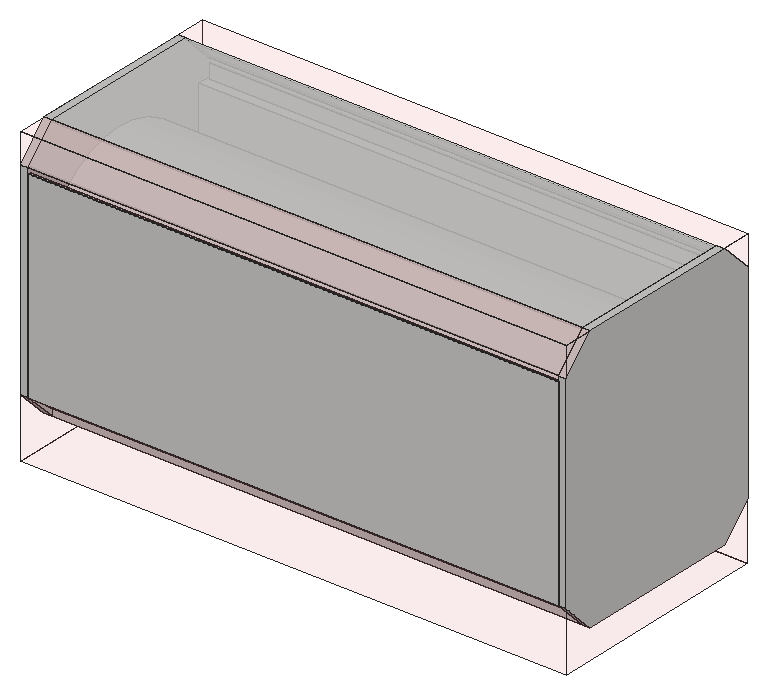
Revit family "Air-Curtain_Climate-Control_PoweredAire_ECE-E", category Mechanical Equipment, host Face, Revit 2025
Family settings
  Host = Face
  Round Connector Dimension = Use Diameter
  Part Type = Normal
  OmniClass Number = 23.75.35.17.21
  OmniClass Title = Air Curtains
  Cut with Voids When Loaded = No
  Maintain Annotation Orientation = No
  Shared = No
  Room Calculation Point = No
Parameters
  Warranty Duration (Years) = 0
  Unit Width Notes = "Other Widths available."  # constant formula
  Unit Width = 3' - 0"
  Unit Weight = 0
  Unit Height = 1' - 3"
  Unit Depth = 1' - 5 1/2"
  URL = "http://www.poweredaire.com/"
  Test Data = ""
  Temperature Rise_Range = "as Specified"
  Standards Conformance = "as Specified"
  Specification = "http://www.arcat.com/sdspecs/htm04/23_34_33pai.htm"
  SpecWizard = ""
  Sound Pressure = "as Specified"
  Sales Information = "http://www.poweredaire.com/contact_us"
  Revision = "R1_2016-08"
  Projection from Host [instance] = 0' - 2"
  Product Properties = ""
  Product Data = "http://www.arcat.com/arcatcos/cos47/arc47623.html"
  Power Rating = 0 W
  Outlet Volume_Range = "as Specified"
  Outlet Velocity_Range = "as Specified"
  Nozzle Width = if(1 = 1, Unit Width - 0' 1", 0' 0")  # 2' - 11"
  Mounting Width = if(1 = 1, Unit Width - 0' 0 15/16", 0' 0")  # 2' - 11 1/16"
  Mounting Height [instance] = 3' - 6"
  Motor RPM = 0
  Motor HP = 0
  Motor Count = 0
  Model = "As Specified"
  Max Height = 0' - 0"
  Manufacturer Website = "http://www.poweredaire.com/"
  Manufacturer Phone - Toll Free = "888-321-2473"
  Manufacturer Phone = "724-588-3305"
  Manufacturer Fax = "724-588-3371"
  Manufacturer Address = "109 Mortensen Rd.  Greenville, PA 16125"
  Manufacturer = "Powered Aire, Inc"
  Maintenance Schedule (Months) = 0
  Keynote = "23 34 33"
  Installation-Fabrication = ""
  Installation Phase = ""
  Include Clearance [instance] = yes
  Heating Element Load = 0 W
  HVAC_Temperature Rise [instance] = 0 °F
  HVAC_Outlet Volume [instance] = 0 CFM
  HVAC_Outlet Velocity Uniformity = 0
  HVAC_Outlet Velocity [instance] = 0 FPM
  Green Building-LEED = "http://www.arcat.com/green/clients/leed_data_47623.html"
  Front Grating Material [instance] = Metal - Steel - PoweredAire - Stainless 304 Perforated
  Frame Finish [instance] = Metal - Steel - PoweredAire - Stainless 304
  Expected Lifespan (Years) = 0
  Electrical_Wattage [instance] = Power Rating + Heating Element Load  # 0 W
  Electrical_Voltage [instance] = 0 V
  Electrical_Phase [instance] = 1
  Electrical_Frequency [instance] = 0 Hz
  Electrical_Amperage [instance] = 0 A
  Drawn By = "Sumex Design, Inc. / Robert S. Weygant, CSI, CDT, SCIP"
  Description = "Powered Aire Air Curtain as Specified"
  Default Elevation = 0' - 0"  # constant formula
  Copyright = "©Arcat Inc."
  Construction Details = "http://www.arcat.com/details/powair/prod3336.html"
  Clearance_Top [instance] = 0' - 0"
  Clearance_Side B [instance] = 0' - 0"
  Clearance_Side A [instance] = 0' - 0"
  Clearance_Intake [instance] = 0' - 0"
  Clearance_Bottom [instance] = 0' - 0"
  Clearance Material [instance] = ARCAT Clearance
  Building Codes = ""
  Available Options [instance] = "as Specified"
  Assembly Code = "D3090400"
Reference planes (in)
  plane 1 "Center (Elevation)": y = 0.13818
  plane 2: z = 0
  plane 3 "Center (Left/Right)": x = 0
  plane 4: y = 7.63818
  plane 5: y = -7.36182
  plane 6: x = -18
  plane 7: x = 18
  plane 8: z = 19.5
  plane 9 "FF": y = -41.86182
  plane 10: z = 2
  plane 11: x = 17.5
  plane 12: x = -17.5
  plane 13: y = 7.63818
  plane 14: y = -7.36182
  plane 15: x = -18
  plane 16: x = 18
  plane 17: z = 19.5
Forms (in)
  Extrusion 1, solid, material "Metal - Steel - PoweredAire - Stainless 304" <- "Frame Finish"
    sketch origin (0, 0, 0) x (0, 1, 0) y (0, 0, 1)
      loop
        line (5.69363, 2) -> (7.63818, 3.94454) -> (7.63818, 17.55546) -> (5.69363, 19.5) -> (-5.41728, 19.5) -> (-7.36182, 17.55546) -> (-7.36182, 3.94454) -> (-5.41728, 2) -> (5.69363, 2)
    from 17.5 to 18
  Extrusion 2, solid, material "Metal - Steel - PoweredAire - Stainless 304" <- "Frame Finish"
    sketch origin (0, 0, -0.5) x (0, 1, 0) y (0, 0, 1)
      loop
        circle (0.13818, 10.9739) r 6.25
      loop
        line (6.63818, 16.89427) -> (6.63818, 5.87829) -> (7.33849, 5.87829) -> (7.33849, 16.89427) -> (6.63818, 16.89427)
      loop
        line (-7.02798, 16.76927) -> (-7.02798, 5.75329) -> (-6.36182, 5.75329) -> (-6.36182, 16.76927) -> (-7.02798, 16.76927)
    from -17.5 to 17.5
  Extrusion 3, solid, material "Metal - Steel - PoweredAire - Stainless 304" <- "Frame Finish"
    sketch origin (0, 0, 0) x (0, 1, 0) y (0, 0, -1)
      loop
        line (5.69363, -2) -> (-5.41728, -2) -> (-7.36182, -3.94454) -> (-7.36182, -17.55546) -> (-5.41728, -19.5) -> (5.69363, -19.5) -> (7.63818, -17.55546) -> (7.63818, -3.94454) -> (5.69363, -2)
    from 17.5 to 18
  Extrusion 4, solid, material "Metal - Steel - PoweredAire - Stainless 304" <- "Frame Finish"
    sketch origin (0, 0, 0) x (0, 1, 0) y (0, 0, 1)
      loop
        line (-5.41728, 2) -> (5.69363, 2) -> (7.63818, 3.94454) -> (7.63818, 17.19454) -> (7.51318, 17.19454) -> (7.51318, 3.99632) -> (5.64186, 2.125) -> (-5.29228, 2.125) -> (-5.29228, 4.06954) -> (-7.23682, 4.06954) -> (-7.23682, 17.19454) -> (-7.36182, 17.19454) -> (-7.36182, 3.94454) -> (-5.41728, 3.94454) -> (-5.41728, 2)
      loop
        line (-6.64819, 3.61034) -> (-5.8702, 2.83235) -> (-5.74472, 2.95783) -> (-6.52271, 3.73583) -> (-6.64819, 3.61034)
    from -17.5 to 17.5
  Extrusion 5, solid, material "Metal - Steel - PoweredAire - Stainless 304 Perforated" <- "Front Grating Material"
    sketch origin (0, 0, 0) x (0, 1, 0) y (0, 0, 1)
      loop
        line (-7.36182, 17.19454) -> (-7.23682, 17.19454) -> (-7.23682, 17.50368) -> (-5.3655, 19.375) -> (5.64186, 19.375) -> (7.51318, 17.50368) -> (7.51318, 17.19454) -> (7.63818, 17.19454) -> (7.63818, 17.55546) -> (5.69363, 19.5) -> (-5.41728, 19.5) -> (-7.36182, 17.55546) -> (-7.36182, 17.19454)
    from -17.5 to 17.5
  Extrusion 6, solid, material "ARCAT Clearance" <- "Clearance Material", visible <- "Include Clearance"
    sketch origin (0, 0, 0) x (0, 1, 0) y (0, 0, 1)
      loop
        line (-7.36182, 19.5) -> (-7.36182, 0) -> (7.63818, 0) -> (7.63818, 19.5) -> (-7.36182, 19.5)
    from -18 to 18
Dimensions and locks (in)
  equal spacing: plane 4, plane 1 "Center (Elevation)", plane 5
  "Unit Height": plane 4 to plane 5
  equal spacing: plane 6, plane 3 "Center (Left/Right)", plane 7
  "Unit Width": plane 6 to plane 7
  "Mounting Height": plane 1 "Center (Elevation)" to plane 9 "FF"
  "Projection from Host": plane 10 to level
  "Unit Depth": plane 8 to plane 10
  locked: plane 6 to plane 12 at 0.5
  locked: plane 11 to plane 7 at 0.5
  "Clearance_Side A": plane 7 to plane 16
  "Clearance_Side B": plane 15 to plane 6
  "Clearance_Top": plane 13 to plane 4
  "Clearance_Bottom": plane 5 to plane 14
  "Clearance_Intake": plane 17 to plane 8
  aligned and locked: plane 2 to host face
  aligned and locked: level to host face
  aligned and locked: plane 7 to Extrusion 1
  aligned and locked: Extrusion 1 to plane 11
  aligned and locked: plane 12 to Extrusion 3
  aligned and locked: Extrusion 3 to plane 6
  aligned and locked: Extrusion 2 to plane 12
  aligned and locked: plane 11 to Extrusion 2
  aligned and locked: plane 11 to Extrusion 4
  aligned and locked: Extrusion 4 to plane 12
  aligned and locked: plane 11 to Extrusion 5
  aligned and locked: Extrusion 5 to plane 12
  aligned and locked: Extrusion 6 sketch curve to plane 17
  aligned and locked: plane 14 to Extrusion 6 sketch curve
  aligned and locked: level to Extrusion 6 sketch curve
  aligned and locked: Extrusion 6 sketch curve to plane 13
  aligned and locked: plane 16 to Extrusion 6
  aligned and locked: Extrusion 6 to plane 15
Automatic sketch dimensions
  host sketch curve to host sketch curve = 8' - 0"  (x2)
  Extrusion 1 sketch curve to plane 5 = 0' - 0"
  Extrusion 1 sketch curve to plane 8 = 0' - 0"
  Extrusion 1 sketch curve to plane 10 = 0' - 0"
  Extrusion 1 sketch curve to plane 4 = 0' - 0"
  plane 5 to Extrusion 1 sketch curve = 0' - 1.94454"  (x2)
  Extrusion 1 sketch curve to plane 4 = 0' - 1.94454"  (x2)
  plane 10 to Extrusion 1 sketch curve = 0' - 1.94454"  (x2)
  Extrusion 1 sketch curve to plane 8 = 0' - 1.94454"  (x2)
  Extrusion 2 sketch curve to plane 1 "Center (Elevation)" = 0' - 0"
  plane 5 to Extrusion 2 sketch curve = 0' - 1"
  plane 5 to Extrusion 2 sketch curve = 0' - 0.33384"
  Extrusion 2 sketch curve to plane 4 = 0' - 1"
  Extrusion 2 sketch curve to plane 4 = 0' - 0.29969"
  plane 10 to Extrusion 2 sketch curve = 0' - 3.37829"
  plane 10 to Extrusion 2 sketch curve = 0' - 3.25329"
  Extrusion 2 sketch curve to plane 8 = 0' - 9.0261"
  Extrusion 2 sketch curve to plane 8 = 0' - 3.23073"
  Extrusion 2 sketch curve to plane 8 = 0' - 3.10573"
  Extrusion 3 sketch curve to plane 5 = 0' - 0"
  Extrusion 3 sketch curve to plane 8 = 0' - 0"
  Extrusion 3 sketch curve to plane 10 = 0' - 0"
  Extrusion 3 sketch curve to plane 4 = 0' - 0"
  plane 5 to Extrusion 3 sketch curve = 0' - 1.94454"  (x2)
  Extrusion 3 sketch curve to plane 4 = 0' - 1.94454"  (x2)
  Extrusion 3 sketch curve to plane 8 = 0' - 1.94454"  (x2)
  plane 10 to Extrusion 3 sketch curve = 0' - 1.94454"  (x2)
  Extrusion 4 sketch curve to plane 5 = 0' - 0"
  Extrusion 4 sketch curve to plane 10 = 0' - 0"
  Extrusion 4 sketch curve to plane 4 = 0' - 0"
  plane 5 to Extrusion 4 sketch curve = 0' - 0 1/8"
  plane 5 to Extrusion 4 sketch curve = 0' - 0.71363"
  Extrusion 4 sketch curve to Extrusion 4 sketch curve = 0' - 0.12548"  (x2)
  Extrusion 4 sketch curve to Extrusion 4 sketch curve = 0' - 0.778"
  Extrusion 4 sketch curve to Extrusion 4 sketch curve = 0' - 0.32744"
  Extrusion 4 sketch curve to Extrusion 4 sketch curve = 0' - 0 1/8"  (x2)
  plane 10 to Extrusion 4 sketch curve = 0' - 0 1/8"
  Extrusion 4 sketch curve to plane 4 = 0' - 1.99632"
  Extrusion 4 sketch curve to Extrusion 4 sketch curve = 0' - 0.05178"  (x2)
  plane 10 to Extrusion 4 sketch curve = 0' - 0.83235"
  plane 10 to Extrusion 4 sketch curve = 0' - 1.94454"
  Extrusion 4 sketch curve to Extrusion 4 sketch curve = 0' - 0.3342"
  Extrusion 4 sketch curve to plane 4 = 0' - 0 1/8"
  Extrusion 4 sketch curve to plane 8 = 0' - 2.30546"  (x2)
  Extrusion 5 sketch curve to plane 5 = 0' - 0"
  Extrusion 5 sketch curve to plane 8 = 0' - 0"
  Extrusion 5 sketch curve to plane 4 = 0' - 0"
  plane 5 to Extrusion 5 sketch curve = 0' - 0 1/8"
  plane 5 to Extrusion 5 sketch curve = 0' - 1.94454"
  Extrusion 5 sketch curve to plane 8 = 0' - 0 1/8"
  Extrusion 5 sketch curve to Extrusion 5 sketch curve = 0' - 0.05178"  (x4)
  Extrusion 5 sketch curve to plane 4 = 0' - 1.99632"
  Extrusion 5 sketch curve to plane 8 = 0' - 1.94454"  (x2)
  Extrusion 5 sketch curve to Extrusion 5 sketch curve = 0' - 0 1/8"
  Extrusion 5 sketch curve to Extrusion 5 sketch curve = 0' - 0.30914"  (x2)
  radius of Extrusion 2 sketch curve = 0' - 6 1/4"
Connectors (in)
  electrical at (0, 7.63818, 10.56954), driven by "Electrical_Phase", driven by "Electrical_Voltage"
    settings: on Extrusion 4, index 1, voltage 0 V, apparent load 0 VA, apparent load phase1 0 VA, apparent load phase2 0 VA, apparent load phase3 0 VA, power factor 1, load classification "Motor", number of poles 1, system type 31, power factor state 1, is connector primary yes, connector utility no, sub classification motor no, connector description ""
